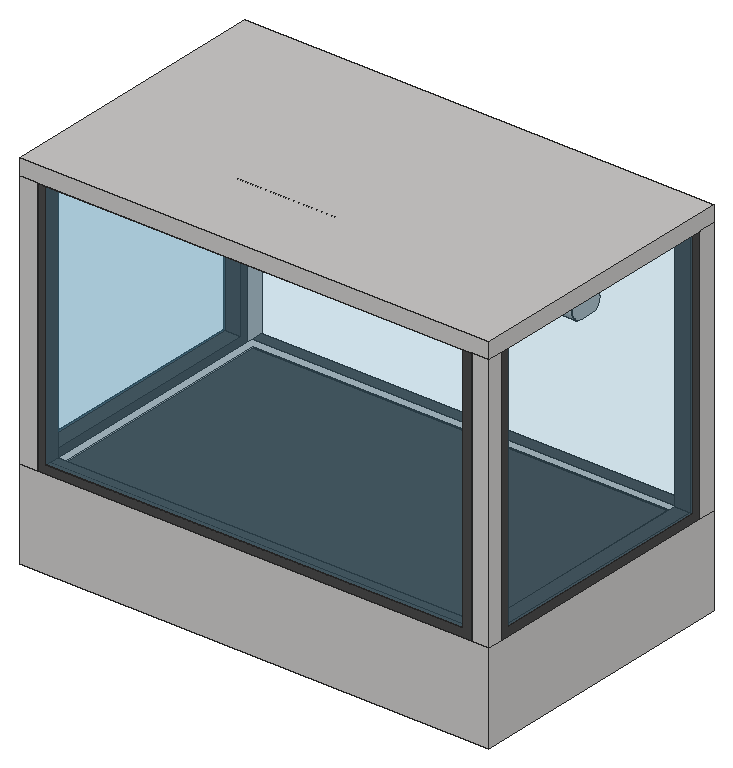
Revit family "QF_FESTIVE_DHD11", category Specialty Equipment, Revit 2020 (continued)
Definition of nested family "LIGHTS"
  Automatic sketch dimensions
    Extrusion 1 sketch curve to plane 6 "TOP" = 76.768 mm
    Extrusion 4 sketch curve to plane 5 "FRONT" = 13.13 mm
    Extrusion 4 sketch curve to plane 6 "TOP" = 98.776 mm
    Extrusion 5 sketch curve to plane 8 "Center X" = 0.06 mm
    Extrusion 5 sketch curve to plane 6 "TOP" = 89.381 mm
    Extrusion 18 sketch curve to plane 8 "Center X" = 0 mm
    plane 8 "Center X" to Extrusion 18 sketch curve = 1 mm  (x2)
    Extrusion 18 sketch curve to Extrusion 18 sketch curve = 1 mm  (x26)
    Extrusion 18 sketch curve to Extrusion 18 sketch curve = 2.5 mm  (x6)
    Extrusion 18 sketch curve to Extrusion 18 sketch curve = 2 mm  (x12)
    plane 8 "Center X" to Extrusion 18 sketch curve = 10.567 mm
    Extrusion 18 sketch curve to Extrusion 18 sketch curve = 1.576 mm  (x2)
    Extrusion 18 sketch curve to Extrusion 18 sketch curve = 3.5 mm  (x2)
    Extrusion 18 sketch curve to plane 8 "Center X" = 1 mm  (x2)
    Extrusion 18 sketch curve to plane 8 "Center X" = 10.567 mm
    Extrusion 18 sketch curve to plane 6 "TOP" = 76.768 mm
    Extrusion 18 sketch curve to Extrusion 18 sketch curve = 0 mm  (x7)
    Extrusion 18 sketch curve to Extrusion 18 sketch curve = 19.768 mm
    Extrusion 18 sketch curve to Extrusion 18 sketch curve = 2.085 mm  (x2)
    Extrusion 18 sketch curve to Extrusion 18 sketch curve = 12 mm
    Extrusion 18 sketch curve to Extrusion 18 sketch curve = 5.076 mm
    plane 6 "TOP" to Extrusion 18 sketch curve = 10.689 mm
    plane 1 "BACK" to Extrusion 18 sketch curve = 12.596 mm
    radius of Extrusion 2 sketch curve to Extrusion 1 = 0 mm  (x3)
    radius of Extrusion 2 sketch curve to Extrusion 1 = 1 mm  (x2)
    radius of Extrusion 3 sketch curve to Extrusion 1 = 1 mm  (x2)
    radius of Extrusion 5 sketch curve = 8.038 mm
    radius of Extrusion 13 sketch curve to Extrusion 12 = 0 mm  (x3)
    radius of Extrusion 13 sketch curve to Extrusion 12 = 1 mm  (x2)
    radius of Extrusion 15 sketch curve to Extrusion 12 = 1 mm  (x2)
    radius of Extrusion 17 sketch curve = 8.038 mm
